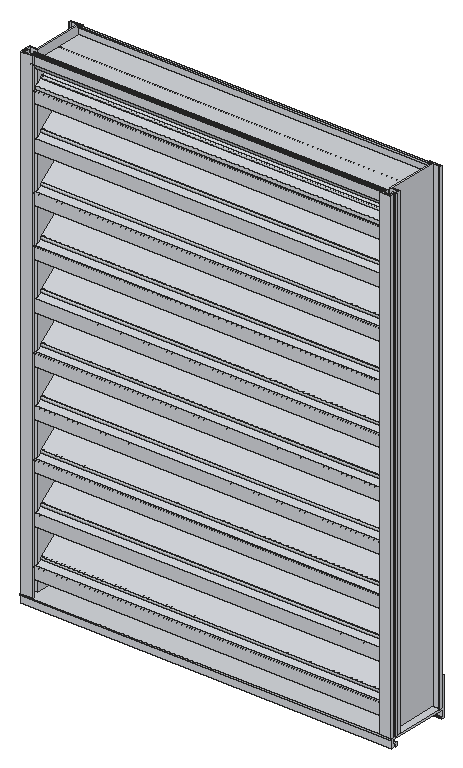
Revit family "D-HFA-6", category Mechanical Equipment, Revit 2015
Parameters
  URL = "https://unitedenertech.com/catalog/pdf/A_3a%20D-HFA-6.pdf"
  Type Comments = "Max. Single Section Size is (120\"w  x  84\"h) or (84\"h  x  120\"w)"
  Number of Blades [instance] = rounddown((Exact Height - 0' 4") / 0' 4 41/64")  # 9
  Model = "D-HFA-6"
  Manufacturer = "United Enertech Corporation"
  Exact Width = 3' - 0"
  Exact Height = 4' - 0"
  Description = "High Performance 6\" Fixed Louver"
  Depth = 0' - 6.26867"
  Blade Width [instance] = Exact Width - 0' 1 13/16"  # 2' - 10 3/16"
  Blade Spacing = 0' - 4.64"
Reference planes (in)
  plane 1 "Center (Front/Back)": y = 0
  plane 2: z = 0
  plane 3 "Center (Left/Right)": x = 0
  plane 4: x = -18
  plane 5: x = 18
  plane 6: z = 48
  plane 7: z = 0.907
  plane 8: y = 6.26867
  plane 9: x = -17.094
  plane 10: x = 17.094
  plane 11: z = 44.6379
Forms (in)
  Extrusion 1, solid
    sketch origin (32.73411, 22.44798, 0) x (1, 0, 0) y (0, 1, 0)
      loop
        line (-50.60911, -16.59898) -> (-50.60911, -16.49198) -> (-49.95311, -16.49198) -> (-49.95311, -21.36398) -> (-50.66611, -21.36398) -> (-50.66611, -21.82298) -> (-50.73411, -21.82298) -> (-50.73411, -21.94798) -> (-50.66611, -21.94798) -> (-50.66611, -22.00898) -> (-50.58511, -22.00898) -> (-50.58511, -21.94798) -> (-50.49711, -21.94798) -> (-50.49711, -22.32298) -> (-50.58511, -22.32298) -> (-50.58511, -22.23198) -> (-50.66611, -22.23198) -> (-50.66611, -22.44798) -> (-49.56511, -22.44798) -> (-49.56511, -22.32298) -> (-49.82811, -22.32298) -> (-49.82811, -22.21598) -> (-49.95311, -22.21598) -> (-49.95311, -22.32298) -> (-50.37211, -22.32298) -> (-50.37211, -21.82298) -> (-50.54111, -21.82298) -> (-50.54111, -21.48898) -> (-49.82811, -21.48898) -> (-49.82811, -16.49198) -> (-49.56511, -16.49198) -> (-49.56511, -16.36698) -> (-50.73411, -16.36698) -> (-50.73411, -16.59898) -> (-50.60911, -16.59898)
    from 0.907 to 48
  Extrusion 2, solid
    sketch origin (-32.73411, 22.44798, 0) x (-1, 0, 0) y (0, -1, 0)
      loop
        line (-50.60911, 16.59898) -> (-50.73411, 16.59898) -> (-50.73411, 16.36698) -> (-49.56511, 16.36698) -> (-49.56511, 16.49198) -> (-49.82811, 16.49198) -> (-49.82811, 21.48898) -> (-50.54111, 21.48898) -> (-50.54111, 21.82298) -> (-50.37211, 21.82298) -> (-50.37211, 22.32298) -> (-49.95311, 22.32298) -> (-49.95311, 22.21598) -> (-49.82811, 22.21598) -> (-49.82811, 22.32298) -> (-49.56511, 22.32298) -> (-49.56511, 22.44798) -> (-50.66611, 22.44798) -> (-50.66611, 22.23198) -> (-50.58511, 22.23198) -> (-50.58511, 22.32298) -> (-50.49711, 22.32298) -> (-50.49711, 21.94798) -> (-50.58511, 21.94798) -> (-50.58511, 22.00898) -> (-50.66611, 22.00898) -> (-50.66611, 21.94798) -> (-50.73411, 21.94798) -> (-50.73411, 21.82298) -> (-50.66611, 21.82298) -> (-50.66611, 21.36398) -> (-49.95311, 21.36398) -> (-49.95311, 16.49198) -> (-50.60911, 16.49198) -> (-50.60911, 16.59898)
    from 0.907 to 48
  Extrusion 3, solid
    sketch origin (-10.45021, 50.73378, 8.99276) x (0, 1, 0) y (0, 0, 1)
      loop
        line (-44.46511, -5.28576) -> (-44.59011, -5.28576) -> (-44.59011, -8.08576) -> (-50.73378, -8.08576) -> (-50.73378, -8.21076) -> (-50.67111, -8.21076) -> (-50.67111, -8.92376) -> (-50.45511, -8.92376) -> (-50.45511, -8.84276) -> (-50.56811, -8.84276) -> (-50.56811, -8.75476) -> (-50.17111, -8.75476) -> (-50.17111, -8.84276) -> (-50.23211, -8.84276) -> (-50.23211, -8.92376) -> (-50.17111, -8.92376) -> (-50.17111, -8.99276) -> (-50.09011, -8.99276) -> (-50.09011, -8.62976) -> (-50.56811, -8.62976) -> (-50.56811, -8.21076) -> (-44.59011, -8.21076) -> (-44.59011, -8.86776) -> (-44.69711, -8.86776) -> (-44.69711, -8.99276) -> (-44.46511, -8.99276) -> (-44.46511, -5.28576)
    from -7.54979 to 28.45021
  Extrusion 4, solid
    sketch origin (0, 8.86279, 0) x (0, 1, 0) y (0, 0, 1)
      loop
        line (-3.13879, 47.875) -> (-3.03179, 47.875) -> (-3.03179, 47.218) -> (-8.61279, 47.218) -> (-8.61279, 47.681) -> (-8.23479, 47.681) -> (-8.23479, 48) -> (-8.31564, 48) -> (-8.31564, 47.931) -> (-8.38879, 47.931) -> (-8.38879, 47.85) -> (-8.31579, 47.85) -> (-8.31579, 47.762) -> (-8.65735, 47.762) -> (-8.65735, 47.855) -> (-8.61179, 47.855) -> (-8.61179, 47.931) -> (-8.73779, 47.931) -> (-8.73779, 47.123) -> (-8.03069, 46.41589) -> (-7.97341, 46.47317) -> (-8.59324, 47.093) -> (-5.60263, 47.093)
        arc (-5.60263, 47.093) -> (-5.60283, 47.02624) -> (-5.58137, 46.96303) r 0.203
        line (-5.58137, 46.96303) -> (-7.35538, 45.62144)
        arc (-7.35538, 45.62144) -> (-7.55534, 45.62809) -> (-7.6035, 45.43391) r 0.159
        line (-7.6035, 45.43391) -> (-8.1419, 45.02702) -> (-8.14129, 44.3737) -> (-8.65698, 43.98456) -> (-8.65698, 44.84609) -> (-8.55708, 44.7462) -> (-8.49963, 44.80365) -> (-8.73784, 45.04186) -> (-8.73784, 43.82206) -> (-8.05922, 44.33416) -> (-8.05922, 44.93282) -> (-7.50735, 45.3505) -> (-7.48308, 45.4269)
        arc (-7.48308, 45.4269) -> (-7.49534, 45.57051) -> (-7.38513, 45.47763) r 0.078
        line (-7.38513, 45.47763) -> (-7.30793, 45.45311)
        arc (-7.30793, 45.45311) -> (-7.30198, 45.47934) -> (-7.30054, 45.50619) r 0.159
        line (-7.30054, 45.50619) -> (-5.44207, 46.9113) -> (-5.42268, 46.98366)
        arc (-5.42268, 46.98366) -> (-5.44149, 47.12655) -> (-5.32715, 47.03881) r 0.078
        line (-5.32715, 47.03881) -> (-5.27147, 47.02389) -> (-5.20236, 47.093) -> (-2.90679, 47.093) -> (-2.90679, 48) -> (-3.13879, 48) -> (-3.13879, 47.875)
    from -17.094 to 17.094
Dimensions and locks (in)
  equal spacing: plane 4, plane 3 "Center (Left/Right)", plane 5
  "Exact Width": plane 4 to plane 5
  "Exact Height": plane 6 to level
  locked: plane 7 to level at 0.907
  "Depth": plane 1 "Center (Front/Back)" to plane 8
  locked: plane 4 to plane 9 at 0.906
  locked: plane 10 to plane 5 at 0.906
  locked: plane 6 to plane 11 at 3.3621
  equal spacing: group 1, group 2, group 3, group 4, group 5, group 6, group 7, group 8, group 9  (x2)
  equal spacing: group 9, group 8, group 7, group 6, group 5, group 4, group 3, group 2, group 1
  "Blade Spacing": nested 1 to nested 2
  aligned and locked: level to plane 2
  aligned and locked: Extrusion 1 to plane 4
  aligned and locked: plane 5 to Extrusion 2
  aligned and locked: Extrusion 3 to level
  aligned and locked: level to Extrusion 3
  aligned and locked: Extrusion 1 to Extrusion 3
  aligned and locked: Extrusion 2 to Extrusion 1
  aligned and locked: Extrusion 3 to plane 4
  aligned and locked: plane 5 to Extrusion 3
  aligned and locked: plane 6 to Extrusion 1
  aligned and locked: plane 6 to Extrusion 2
  aligned and locked: Extrusion 4 to plane 9
  aligned and locked: Extrusion 4 to plane 10
  aligned and locked: plane 3 "Center (Left/Right)" to nested 1
  aligned and locked: plane 11 to nested 1
Automatic sketch dimensions
  Extrusion 1 sketch curve to plane 4 = 0' - 0"  (x2)
  plane 4 to Extrusion 1 sketch curve = 0' - 0.068"  (x3)
  plane 4 to Extrusion 1 sketch curve = 0' - 0 1/8"
  Extrusion 1 sketch curve to Extrusion 1 sketch curve = 0' - 0.081"  (x2)
  Extrusion 1 sketch curve to Extrusion 1 sketch curve = 0' - 0 1/8"  (x9)
  Extrusion 1 sketch curve to Extrusion 1 sketch curve = 0' - 0.088"
  Extrusion 1 sketch curve to Extrusion 1 sketch curve = 0' - 0.419"
  Extrusion 1 sketch curve to Extrusion 1 sketch curve = 0' - 0.588"
  Extrusion 1 sketch curve to Extrusion 1 sketch curve = 0' - 0.263"  (x2)
  plane 1 "Center (Front/Back)" to Extrusion 1 sketch curve = 0' - 0"
  Extrusion 1 sketch curve to Extrusion 1 sketch curve = 0' - 0"  (x3)
  Extrusion 1 sketch curve to Extrusion 1 sketch curve = 0' - 0.091"
  Extrusion 1 sketch curve to Extrusion 1 sketch curve = 0' - 0.107"  (x2)
  Extrusion 1 sketch curve to Extrusion 1 sketch curve = 0' - 0.223"
  Extrusion 1 sketch curve to Extrusion 1 sketch curve = 0' - 0.061"  (x2)
  Extrusion 1 sketch curve to Extrusion 1 sketch curve = 0' - 0.334"
  Extrusion 1 sketch curve to Extrusion 1 sketch curve = 0' - 4.765"
  Extrusion 2 sketch curve to plane 5 = 0' - 0"  (x2)
  plane 5 to Extrusion 2 sketch curve = 0' - 0.068"  (x3)
  plane 5 to Extrusion 2 sketch curve = 0' - 0 1/8"
  Extrusion 2 sketch curve to Extrusion 2 sketch curve = 0' - 0.081"  (x2)
  Extrusion 2 sketch curve to Extrusion 2 sketch curve = 0' - 0 1/8"  (x9)
  Extrusion 2 sketch curve to Extrusion 2 sketch curve = 0' - 0.088"
  Extrusion 2 sketch curve to Extrusion 2 sketch curve = 0' - 0.419"
  Extrusion 2 sketch curve to Extrusion 2 sketch curve = 0' - 0.588"
  Extrusion 2 sketch curve to Extrusion 2 sketch curve = 0' - 0.263"  (x2)
  Extrusion 2 sketch curve to plane 1 "Center (Front/Back)" = 0' - 0"
  Extrusion 2 sketch curve to Extrusion 2 sketch curve = 0' - 0"  (x3)
  Extrusion 2 sketch curve to Extrusion 2 sketch curve = 0' - 0.091"
  Extrusion 2 sketch curve to Extrusion 2 sketch curve = 0' - 0.107"  (x2)
  Extrusion 2 sketch curve to Extrusion 2 sketch curve = 0' - 0.223"
  Extrusion 2 sketch curve to Extrusion 2 sketch curve = 0' - 0.061"  (x2)
  Extrusion 2 sketch curve to Extrusion 2 sketch curve = 0' - 0.334"
  Extrusion 2 sketch curve to Extrusion 2 sketch curve = 0' - 4.765"
  plane 1 "Center (Front/Back)" to Extrusion 3 sketch curve = 0' - 0"
  Extrusion 3 sketch curve to Extrusion 3 sketch curve = 0' - 0.06267"
  Extrusion 3 sketch curve to Extrusion 3 sketch curve = 0' - 0.103"  (x2)
  Extrusion 3 sketch curve to Extrusion 3 sketch curve = 0' - 0.113"
  Extrusion 3 sketch curve to Extrusion 3 sketch curve = 0' - 0.223"
  Extrusion 3 sketch curve to Extrusion 3 sketch curve = 0' - 0.061"  (x2)
  Extrusion 3 sketch curve to Extrusion 3 sketch curve = 0' - 0.081"  (x3)
  Extrusion 3 sketch curve to Extrusion 3 sketch curve = 0' - 5.393"
  Extrusion 3 sketch curve to Extrusion 3 sketch curve = 0' - 0.107"
  Extrusion 3 sketch curve to Extrusion 3 sketch curve = 0' - 0"  (x3)
  Extrusion 3 sketch curve to Extrusion 3 sketch curve = 0' - 0 1/8"  (x4)
  level to Extrusion 3 sketch curve = 0' - 0"
  Extrusion 3 sketch curve to Extrusion 3 sketch curve = 0' - 0.069"  (x2)
  Extrusion 3 sketch curve to Extrusion 3 sketch curve = 0' - 0.088"
  Extrusion 3 sketch curve to Extrusion 3 sketch curve = 0' - 0.419"
  Extrusion 3 sketch curve to Extrusion 3 sketch curve = 0' - 2.8"
  Extrusion 4 sketch curve to plane 6 = 0' - 0"  (x2)
  Extrusion 4 sketch curve to plane 6 = 0' - 0 1/8"
  Extrusion 4 sketch curve to plane 1 "Center (Front/Back)" = 0' - 5.724"
  Extrusion 4 sketch curve to Extrusion 4 sketch curve = 0' - 0.107"
  Extrusion 4 sketch curve to Extrusion 4 sketch curve = 0' - 0 1/8"  (x2)
  Extrusion 4 sketch curve to Extrusion 4 sketch curve = 0' - 0.657"
  Extrusion 4 sketch curve to Extrusion 4 sketch curve = 0' - 2.17057"
  Extrusion 4 sketch curve to Extrusion 4 sketch curve = 0' - 3.03243"
  Extrusion 4 sketch curve to Extrusion 4 sketch curve = 0' - 0.08084"
  Extrusion 4 sketch curve to Extrusion 4 sketch curve = 0' - 0.29716"
  Extrusion 4 sketch curve to Extrusion 4 sketch curve = 0' - 0.319"
  Extrusion 4 sketch curve to Extrusion 4 sketch curve = 0' - 0.069"
  Extrusion 4 sketch curve to Extrusion 4 sketch curve = 0' - 0.07316"
  Extrusion 4 sketch curve to Extrusion 4 sketch curve = 0' - 0.081"
  Extrusion 4 sketch curve to Extrusion 4 sketch curve = 0' - 0.073"
  Extrusion 4 sketch curve to plane 6 = 0' - 0.069"
  Extrusion 4 sketch curve to Extrusion 4 sketch curve = 0' - 0.126"
  Extrusion 4 sketch curve to Extrusion 4 sketch curve = 0' - 0.095"
  Extrusion 4 sketch curve to Extrusion 4 sketch curve = 0' - 0.076"
  Extrusion 4 sketch curve to Extrusion 4 sketch curve = 0' - 0.04555"
  Extrusion 4 sketch curve to Extrusion 4 sketch curve = 0' - 0.093"
  Extrusion 4 sketch curve to Extrusion 4 sketch curve = 0' - 0.04455"
  Extrusion 4 sketch curve to plane 6 = 0' - 1.58411"
  Extrusion 4 sketch curve to Extrusion 4 sketch curve = 0' - 0.58211"
  Extrusion 4 sketch curve to plane 6 = 0' - 1.52683"
  Extrusion 4 sketch curve to plane 6 = 0' - 0.907"
  Extrusion 4 sketch curve to Extrusion 4 sketch curve = 0' - 0.40026"
  Extrusion 4 sketch curve to plane 6 = 0' - 0.97611"
  Extrusion 4 sketch curve to Extrusion 4 sketch curve = 0' - 0.06911"
  Extrusion 4 sketch curve to plane 6 = 0' - 0.96119"
  Extrusion 4 sketch curve to Extrusion 4 sketch curve = 0' - 0.05568"
  Extrusion 4 sketch curve to Extrusion 4 sketch curve = 0' - 0.07534"
  Extrusion 4 sketch curve to Extrusion 4 sketch curve = 0' - 0.02019"  (x2)
  Extrusion 4 sketch curve to plane 6 = 0' - 1.0887"
  Extrusion 4 sketch curve to Extrusion 4 sketch curve = 0' - 0.01939"
  plane 11 to Extrusion 4 sketch curve = 0' - 0.86829"
  Extrusion 4 sketch curve to Extrusion 4 sketch curve = 0' - 0.73014"
  Extrusion 4 sketch curve to Extrusion 4 sketch curve = 0' - 0"  (x6)
  Extrusion 4 sketch curve to Extrusion 4 sketch curve = 0' - 0.02125"
  plane 11 to Extrusion 4 sketch curve = 0' - 0.98354"
  Extrusion 4 sketch curve to Extrusion 4 sketch curve = 0' - 0.05483"
  Extrusion 4 sketch curve to Extrusion 4 sketch curve = 0' - 0.15892"
  Extrusion 4 sketch curve to Extrusion 4 sketch curve = 0' - 0.00495"
  Extrusion 4 sketch curve to Extrusion 4 sketch curve = 0' - 0.00738"
  plane 11 to Extrusion 4 sketch curve = 0' - 0.83973"
  Extrusion 4 sketch curve to Extrusion 4 sketch curve = 0' - 0.07434"
  Extrusion 4 sketch curve to Extrusion 4 sketch curve = 0' - 0.02361"
  plane 11 to Extrusion 4 sketch curve = 0' - 0.7126"
  Extrusion 4 sketch curve to Extrusion 4 sketch curve = 0' - 0.02427"
  plane 11 to Extrusion 4 sketch curve = 0' - 0.29492"
  Extrusion 4 sketch curve to Extrusion 4 sketch curve = 0' - 0.55187"
  plane 11 to Extrusion 4 sketch curve = 0' - 0.79601"
  plane 11 to Extrusion 4 sketch curve = 0' - 0.38912"
  Extrusion 4 sketch curve to Extrusion 4 sketch curve = 0' - 0.08268"
  Extrusion 4 sketch curve to plane 11 = 0' - 0.30374"
  Extrusion 4 sketch curve to plane 11 = 0' - 0.26419"
  Extrusion 4 sketch curve to Extrusion 4 sketch curve = 0' - 0.08207"
  Extrusion 4 sketch curve to plane 11 = 0' - 0.81584"
  Extrusion 4 sketch curve to Extrusion 4 sketch curve = 0' - 0.59655"
  Extrusion 4 sketch curve to plane 11 = 0' - 0.65334"
  Extrusion 4 sketch curve to Extrusion 4 sketch curve = 0' - 0.08086"
  plane 11 to Extrusion 4 sketch curve = 0' - 0.16575"
  Extrusion 4 sketch curve to Extrusion 4 sketch curve = 0' - 0.15735"
  plane 11 to Extrusion 4 sketch curve = 0' - 0.1083"
  Extrusion 4 sketch curve to Extrusion 4 sketch curve = 0' - 0.05746"
Nested families (in)
  nested 1: "DHFABLADE" at (0, -4.875, 36.12844), type "DHFABLADE"
    with Blade Width 2' - 10 3/16"
  nested 2: "DHFABLADE" at (0, -4.875, 31.48844), type "DHFABLADE"
    with Blade Width 2' - 10 3/16"
  nested 3: "DHFABLADE" at (0, -4.875, 26.84844), type "DHFABLADE"
    with Blade Width 2' - 10 3/16"
  nested 4: "DHFABLADE" at (0, -4.875, 22.20844), type "DHFABLADE"
    with Blade Width 2' - 10 3/16"
  nested 5: "DHFABLADE" at (0, -4.875, 17.56844), type "DHFABLADE"
    with Blade Width 2' - 10 3/16"
  nested 6: "DHFABLADE" at (0, -4.875, 12.92844), type "DHFABLADE"
    with Blade Width 2' - 10 3/16"
  nested 7: "DHFABLADE" at (0, -4.875, 8.28844), type "DHFABLADE"
    with Blade Width 2' - 10 3/16"
  nested 8: "DHFABLADE" at (0, -4.875, 3.64844), type "DHFABLADE"
    with Blade Width 2' - 10 3/16"
  nested 9: "DHFABLADE" at (0, -4.875, -0.99156), type "DHFABLADE"
    with Blade Width 2' - 10 3/16"
Definition of nested family "DHFABLADE"
  Parameters (values of type "DHFABLADE")
    Blade Width = 4' - 4"
  Reference planes (in)
    plane 1 "Center (Front/Back)": y = 0
    plane 2: z = 0
    plane 3 "Center (Left/Right)": x = 0
    plane 4: x = -26
    plane 5: x = 26
  Forms (in)
    Extrusion 1, solid
      sketch origin (-6, 18.58812, 17.91801) x (0, 1, 0) y (0, 0, 1)
        loop
          line (-13.58812, -14.42747) -> (-12.9095, -13.91537) -> (-12.9095, -13.75288) -> (-12.35794, -13.33672) -> (-12.33387, -13.25938)
          arc (-12.33387, -13.25938) -> (-12.34267, -13.11449) -> (-12.23746, -13.2145) r 0.078
          line (-12.23746, -13.2145) -> (-12.16239, -13.24492)
          arc (-12.16239, -13.24492) -> (-12.16252, -13.12518) -> (-12.24614, -13.03948) r 0.159
          line (-12.24614, -13.03948) -> (-10.40786, -11.65229)
          arc (-10.40786, -11.65229) -> (-10.35728, -11.74852) -> (-10.25669, -11.78976) r 0.159
          line (-10.25669, -11.78976) -> (-10.25344, -11.70883)
          arc (-10.25344, -11.70883) -> (-10.30216, -11.57262) -> (-10.17254, -11.63683) r 0.078
          line (-10.17254, -11.63683) -> (-10.09133, -11.62854) -> (-7.84062, -9.93079) -> (-7.84062, -9.40855) -> (-7.96213, -9.40855) -> (-7.96213, -9.48788) -> (-7.92194, -9.48788) -> (-7.92194, -9.89068) -> (-10.11481, -11.54545)
          arc (-10.11481, -11.54545) -> (-10.22141, -11.47461) -> (-10.34597, -11.50411) r 0.16072
          line (-10.34597, -11.50411) -> (-12.40553, -13.05828)
          arc (-12.40553, -13.05828) -> (-12.46864, -13.17039) -> (-12.4375, -13.29522) r 0.17404
          line (-12.4375, -13.29522) -> (-12.99157, -13.71334) -> (-12.99157, -13.87583) -> (-13.50727, -14.26498) -> (-13.50727, -13.40344) -> (-13.40737, -13.50334) -> (-13.34991, -13.44588) -> (-13.58812, -13.20767) -> (-13.58812, -14.42747)
      from -20 to 32
  Dimensions and locks (in)
    equal spacing: plane 4, plane 3 "Center (Left/Right)", plane 5
    "Blade Width": plane 4 to plane 5
    aligned and locked: level to plane 2
    aligned and locked: plane 4 to Extrusion 1
    aligned and locked: plane 5 to Extrusion 1
  Automatic sketch dimensions
    Extrusion 1 sketch curve to Extrusion 1 sketch curve = 0' - 0"  (x4)
    level to Extrusion 1 sketch curve = 0' - 4.71034"
    Extrusion 1 sketch curve to plane 1 "Center (Front/Back)" = 0' - 5"
    Extrusion 1 sketch curve to Extrusion 1 sketch curve = 0' - 0.08086"
    level to Extrusion 1 sketch curve = 0' - 4.41467"
    Extrusion 1 sketch curve to Extrusion 1 sketch curve = 0' - 0.0999"
    level to Extrusion 1 sketch curve = 0' - 4.47213"
    Extrusion 1 sketch curve to Extrusion 1 sketch curve = 0' - 0.35834"
    level to Extrusion 1 sketch curve = 0' - 4.16513"
    Extrusion 1 sketch curve to Extrusion 1 sketch curve = 0' - 0.08207"
    level to Extrusion 1 sketch curve = 0' - 4.62278"
    Extrusion 1 sketch curve to Extrusion 1 sketch curve = 0' - 0.472"
    level to Extrusion 1 sketch curve = 0' - 4.85973"
    Extrusion 1 sketch curve to Extrusion 1 sketch curve = 0' - 0.03197"
    level to Extrusion 1 sketch curve = 0' - 4.58128"
    Extrusion 1 sketch curve to Extrusion 1 sketch curve = 0' - 0.07956"
    level to Extrusion 1 sketch curve = 0' - 4.65863"
    Extrusion 1 sketch curve to Extrusion 1 sketch curve = 0' - 0.02406"
    Extrusion 1 sketch curve to Extrusion 1 sketch curve = 0' - 0.02412"
    Extrusion 1 sketch curve to Extrusion 1 sketch curve = 0' - 0.0136"
    level to Extrusion 1 sketch curve = 0' - 4.87853"
    Extrusion 1 sketch curve to Extrusion 1 sketch curve = 0' - 0.06361"
    level to Extrusion 1 sketch curve = 0' - 4.70351"
    Extrusion 1 sketch curve to Extrusion 1 sketch curve = 0' - 0.05869"
    level to Extrusion 1 sketch curve = 0' - 4.67309"
    Extrusion 1 sketch curve to Extrusion 1 sketch curve = 0' - 1.83827"
    Extrusion 1 sketch curve to Extrusion 1 sketch curve = 0' - 0.0619"
    level to Extrusion 1 sketch curve = 0' - 6.12825"
    Extrusion 1 sketch curve to Extrusion 1 sketch curve = 0' - 0.15117"
    level to Extrusion 1 sketch curve = 0' - 6.20918"
    Extrusion 1 sketch curve to Extrusion 1 sketch curve = 0' - 0.00325"
    Extrusion 1 sketch curve to Extrusion 1 sketch curve = 0' - 0.00313"
    Extrusion 1 sketch curve to Extrusion 1 sketch curve = 0' - 0.0006"
    level to Extrusion 1 sketch curve = 0' - 6.28118"
    Extrusion 1 sketch curve to Extrusion 1 sketch curve = 0' - 0.07717"
    level to Extrusion 1 sketch curve = 0' - 6.37256"
    Extrusion 1 sketch curve to Extrusion 1 sketch curve = 0' - 0.05773"
    Extrusion 1 sketch curve to Extrusion 1 sketch curve = 0' - 0.08121"
    Extrusion 1 sketch curve to Extrusion 1 sketch curve = 0' - 2.15268"
    Extrusion 1 sketch curve to Extrusion 1 sketch curve = 0' - 0.04019"
    Extrusion 1 sketch curve to Extrusion 1 sketch curve = 0' - 0.08132"
    Extrusion 1 sketch curve to Extrusion 1 sketch curve = 0' - 0.12295"
    Extrusion 1 sketch curve to Extrusion 1 sketch curve = 0' - 0.03954"  (x2)
    Extrusion 1 sketch curve to Extrusion 1 sketch curve = 0' - 0.38915"
    Extrusion 1 sketch curve to Extrusion 1 sketch curve = 0' - 0.16249"
    Extrusion 1 sketch curve to Extrusion 1 sketch curve = 0' - 0.00192"
    Extrusion 1 sketch curve to Extrusion 1 sketch curve = 0' - 0.00829"
    Extrusion 1 sketch curve to Extrusion 1 sketch curve = 0' - 1.61466"
    Extrusion 1 sketch curve to Extrusion 1 sketch curve = 0' - 0.04011"
    Extrusion 1 sketch curve to Extrusion 1 sketch curve = 0' - 0.4028"
    Extrusion 1 sketch curve to Extrusion 1 sketch curve = 0' - 0.07933"
